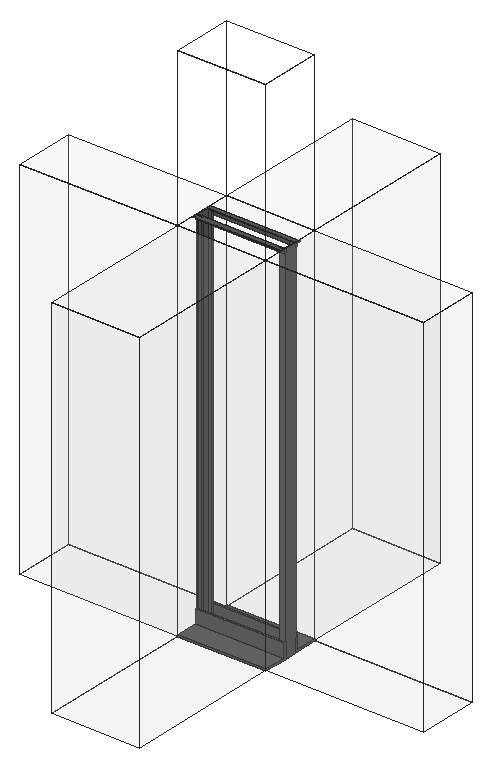
Revit family (continued)
Dimensions and locks (in)
  aligned and locked: curve 135 to plane 32
  aligned and locked: curve 138 to plane 32
  aligned and locked: plane 31 to curve 271
  aligned and locked: plane 31 to curve 272
  aligned and locked: plane 31 to curve 273
  aligned and locked: plane 31 to curve 274
  aligned and locked: plane 31 to curve 275
  aligned and locked: plane 31 to curve 276
  aligned and locked: plane 31 to curve 277
  aligned and locked: plane 31 to curve 278
  aligned and locked: plane 31 to curve 279
  aligned and locked: plane 31 to curve 280
  aligned and locked: plane 31 to curve 281
  aligned and locked: plane 31 to curve 282
  aligned and locked: plane 31 to curve 283
  aligned and locked: plane 31 to curve 284
  aligned and locked: plane 31 to curve 285
  aligned and locked: plane 31 to curve 286
  aligned and locked: plane 31 to curve 287
  aligned and locked: plane 31 to curve 288
  aligned and locked: plane 31 to curve 289
  aligned and locked: plane 31 to curve 290
  aligned and locked: plane 31 to curve 291
  aligned and locked: plane 31 to curve 292
  aligned and locked: plane 31 to curve 293
  aligned and locked: plane 31 to curve 294
  aligned and locked: plane 31 to curve 295
  aligned and locked: plane 31 to curve 296
  aligned and locked: plane 31 to curve 297
  aligned and locked: plane 31 to curve 298
  aligned and locked: plane 31 to curve 299
  aligned and locked: plane 31 to curve 300
  aligned and locked: plane 31 to curve 301
  aligned and locked: plane 31 to curve 302
  aligned and locked: plane 31 to curve 303
  aligned and locked: plane 31 to curve 304
  aligned and locked: plane 31 to curve 305
  aligned and locked: plane 31 to curve 306
  aligned and locked: plane 31 to curve 307
  aligned and locked: plane 31 to curve 308
  aligned and locked: plane 31 to curve 309
  aligned and locked: plane 31 to curve 310
  aligned and locked: plane 31 to curve 311
  aligned and locked: plane 31 to curve 312
  aligned and locked: plane 31 to curve 313
  aligned and locked: plane 31 to curve 314
  aligned and locked: plane 31 to curve 315
  aligned and locked: plane 30 to curve 316
  aligned and locked: plane 30 to curve 317
  aligned and locked: plane 30 to curve 319
  aligned and locked: plane 30 to curve 318
  aligned and locked: plane 30 to curve 320
  aligned and locked: plane 30 to curve 321
  aligned and locked: plane 30 to curve 322
  aligned and locked: plane 30 to curve 323
  aligned and locked: plane 30 to curve 324
  aligned and locked: plane 30 to curve 325
  aligned and locked: plane 30 to curve 326
  aligned and locked: plane 30 to curve 327
  aligned and locked: plane 30 to curve 328
  aligned and locked: plane 30 to curve 329
  aligned and locked: plane 30 to curve 330
  aligned and locked: plane 30 to curve 331
  aligned and locked: plane 30 to curve 332
  aligned and locked: plane 30 to curve 333
  aligned and locked: plane 30 to curve 334
  aligned and locked: plane 30 to curve 335
  aligned and locked: plane 30 to curve 336
  aligned and locked: plane 30 to curve 337
  aligned and locked: plane 30 to curve 338
  aligned and locked: plane 30 to curve 339
  aligned and locked: plane 30 to curve 340
  aligned and locked: plane 30 to curve 341
  aligned and locked: plane 30 to curve 342
  aligned and locked: plane 30 to curve 343
  aligned and locked: plane 30 to curve 344
  aligned and locked: plane 30 to curve 345
  aligned and locked: plane 30 to curve 346
  aligned and locked: plane 30 to curve 347
  aligned and locked: plane 30 to curve 349
  aligned and locked: plane 30 to curve 348
  aligned and locked: plane 30 to curve 350
  aligned and locked: plane 30 to curve 351
  aligned and locked: plane 30 to curve 352
  aligned and locked: plane 30 to curve 353
  aligned and locked: plane 30 to curve 354
  aligned and locked: plane 30 to curve 355
  aligned and locked: plane 30 to curve 356
  aligned and locked: plane 30 to curve 357
  aligned and locked: plane 30 to curve 358
  aligned and locked: plane 30 to curve 359
  aligned and locked: plane 30 to curve 360
  aligned and locked: Extrusion 5 sketch curve to plane 33
  aligned and locked: plane 5 to Extrusion 5 sketch curve
  aligned and locked: plane 4 to Extrusion 5 sketch curve
  aligned and locked: plane 16 to Extrusion 5 sketch curve
  aligned and locked: plane 17 to Extrusion 6 sketch curve
  aligned and locked: Extrusion 6 sketch curve to plane 34
  aligned and locked: plane 5 to Extrusion 6 sketch curve
  aligned and locked: plane 4 to Extrusion 6 sketch curve
  aligned and locked: plane 36 to Extrusion 7 sketch curve
  aligned and locked: Extrusion 7 sketch curve to plane 5
  aligned and locked: Extrusion 7 sketch curve to plane 16
  aligned and locked: Extrusion 7 sketch curve to plane 17
  aligned and locked: Extrusion 8 sketch curve to plane 16
  aligned and locked: plane 35 to Extrusion 8 sketch curve
  aligned and locked: Extrusion 8 sketch curve to plane 17
  aligned and locked: Extrusion 8 sketch curve to plane 4
  aligned and locked: plane 18 "Rack Top" to Extrusion 8
  aligned and locked: plane 18 "Rack Top" to Extrusion 7
  aligned and locked: plane 18 "Rack Top" to Extrusion 5
  aligned and locked: plane 18 "Rack Top" to Extrusion 6
  aligned and locked: Masking region 1 sketch curve to plane 16
  aligned and locked: plane 4 to Masking region 1 sketch curve
  aligned and locked: Masking region 1 sketch curve to plane 17
  aligned and locked: plane 5 to Masking region 1 sketch curve
  aligned and locked: plane 7 "Rail Rear" to curve 361
  aligned and locked: plane 6 "Rail Front" to curve 362
  aligned and locked: plane 10 to curve 363
  aligned and locked: plane 12 to curve 364
  aligned and locked: plane 11 to curve 365
  aligned and locked: curve 368 to plane 15
  aligned and locked: plane 13 to curve 366
  aligned and locked: curve 372 to plane 14
  aligned and locked: curve 367 to plane 14
  aligned and locked: curve 385 to plane 16
  aligned and locked: curve 377 to plane 16
  aligned and locked: curve 379 to plane 17
  aligned and locked: curve 387 to plane 17
  aligned and locked: plane 5 to curve 376
  aligned and locked: plane 4 to curve 374
  aligned and locked: curve 373 to plane 33
  aligned and locked: plane 35 to curve 386
  aligned and locked: plane 4 to curve 382
  aligned and locked: plane 5 to curve 384
  aligned and locked: plane 36 to curve 380
  aligned and locked: curve 383 to plane 34
  aligned and locked: plane 7 "Rail Rear" to curve 389
  aligned and locked: plane 5 to curve 392
  aligned and locked: plane 6 "Rail Front" to curve 391
  aligned and locked: plane 4 to curve 390
  aligned and locked: plane 10 to Extrusion 3 sketch curve
  aligned and locked: plane 11 to Extrusion 3 sketch curve
  aligned and locked: Extrusion 9 sketch curve to plane 16
  aligned and locked: Extrusion 9 sketch curve to plane 17
  aligned and locked: plane 5 to Extrusion 9 sketch curve
  aligned and locked: plane 4 to Extrusion 9 sketch curve
  aligned and locked: plane 37 to Extrusion 9
  aligned and locked: Extrusion 9 to plane 18 "Rack Top"
Automatic sketch dimensions
  curve 5 to plane 32 = 0.000"
  curve 7 to plane 32 = 0.000"
  curve 8 to plane 32 = 0.000"
  curve 10 to plane 32 = 0.000"
  curve 11 to plane 32 = 0.000"
  curve 13 to plane 32 = 0.000"
  curve 14 to plane 32 = 0.000"
  curve 16 to plane 32 = 0.000"
  curve 137 to plane 32 = 0.000"
  curve 17 to plane 32 = 0.000"
  curve 136 to plane 32 = 0.000"
  curve 19 to plane 32 = 0.000"
  curve 134 to plane 32 = 0.000"
  curve 20 to plane 32 = 0.000"
  curve 133 to plane 32 = 0.000"
  curve 22 to plane 32 = 0.000"
  curve 131 to plane 32 = 0.000"
  curve 23 to plane 32 = 0.000"
  curve 130 to plane 32 = 0.000"
  curve 25 to plane 32 = 0.000"
  curve 128 to plane 32 = 0.000"
  curve 26 to plane 32 = 0.000"
  curve 127 to plane 32 = 0.000"
  curve 28 to plane 32 = 0.000"
  curve 125 to plane 32 = 0.000"
  curve 29 to plane 32 = 0.000"
  curve 124 to plane 32 = 0.000"
  curve 31 to plane 32 = 0.000"
  curve 122 to plane 32 = 0.000"
  curve 32 to plane 32 = 0.000"
  curve 121 to plane 32 = 0.000"
  curve 34 to plane 32 = 0.000"
  curve 119 to plane 32 = 0.000"
  curve 35 to plane 32 = 0.000"
  curve 118 to plane 32 = 0.000"
  curve 37 to plane 32 = 0.000"
  curve 116 to plane 32 = 0.000"
  curve 38 to plane 32 = 0.000"
  curve 115 to plane 32 = 0.000"
  curve 40 to plane 32 = 0.000"
  curve 113 to plane 32 = 0.000"
  curve 41 to plane 32 = 0.000"
  curve 112 to plane 32 = 0.000"
  curve 43 to plane 32 = 0.000"
  curve 110 to plane 32 = 0.000"
  curve 44 to plane 32 = 0.000"
  curve 109 to plane 32 = 0.000"
  curve 46 to plane 32 = 0.000"
  curve 107 to plane 32 = 0.000"
  curve 47 to plane 32 = 0.000"
  curve 106 to plane 32 = 0.000"
  curve 49 to plane 32 = 0.000"
  curve 104 to plane 32 = 0.000"
  curve 50 to plane 32 = 0.000"
  curve 103 to plane 32 = 0.000"
  curve 52 to plane 32 = 0.000"
  curve 101 to plane 32 = 0.000"
  curve 53 to plane 32 = 0.000"
  curve 100 to plane 32 = 0.000"
  curve 55 to plane 32 = 0.000"
  curve 98 to plane 32 = 0.000"
  curve 56 to plane 32 = 0.000"
  curve 97 to plane 32 = 0.000"
  curve 58 to plane 32 = 0.000"
  curve 95 to plane 32 = 0.000"
  curve 59 to plane 32 = 0.000"
  curve 94 to plane 32 = 0.000"
  curve 61 to plane 32 = 0.000"
  curve 92 to plane 32 = 0.000"
  curve 62 to plane 32 = 0.000"
  curve 91 to plane 32 = 0.000"
  curve 64 to plane 32 = 0.000"
  curve 89 to plane 32 = 0.000"
  curve 65 to plane 32 = 0.000"
  curve 88 to plane 32 = 0.000"
  curve 67 to plane 32 = 0.000"
  curve 86 to plane 32 = 0.000"
  curve 68 to plane 32 = 0.000"
  curve 85 to plane 32 = 0.000"
  curve 70 to plane 32 = 0.000"
  curve 83 to plane 32 = 0.000"
  curve 71 to plane 32 = 0.000"
  curve 82 to plane 32 = 0.000"
  curve 73 to plane 32 = 0.000"
  curve 80 to plane 32 = 0.000"
  curve 74 to plane 32 = 0.000"
  curve 79 to plane 32 = 0.000"
  curve 76 to plane 32 = 0.000"
  curve 77 to plane 32 = 0.000"
  plane 31 to curve 79 = 0.000"
  plane 31 to curve 76 = 0.000"
  plane 31 to curve 80 = 0.000"
  plane 31 to curve 74 = 0.000"
  plane 31 to curve 82 = 0.000"
  plane 31 to curve 73 = 0.000"
  plane 31 to curve 83 = 0.000"
  plane 31 to curve 71 = 0.000"
  plane 31 to curve 85 = 0.000"
  plane 31 to curve 70 = 0.000"
  plane 31 to curve 86 = 0.000"
  plane 31 to curve 68 = 0.000"
  plane 31 to curve 88 = 0.000"
  plane 31 to curve 67 = 0.000"
  plane 31 to curve 89 = 0.000"
  plane 31 to curve 65 = 0.000"
  plane 31 to curve 91 = 0.000"
  plane 31 to curve 64 = 0.000"
  plane 31 to curve 92 = 0.000"
  plane 31 to curve 62 = 0.000"
  plane 31 to curve 94 = 0.000"
  plane 31 to curve 61 = 0.000"
  plane 31 to curve 95 = 0.000"
  plane 31 to curve 59 = 0.000"
  plane 31 to curve 97 = 0.000"
  plane 31 to curve 58 = 0.000"
  plane 31 to curve 98 = 0.000"
  plane 31 to curve 56 = 0.000"
  plane 31 to curve 100 = 0.000"
  plane 31 to curve 55 = 0.000"
  plane 31 to curve 101 = 0.000"
  plane 31 to curve 53 = 0.000"
  plane 31 to curve 103 = 0.000"
  plane 31 to curve 52 = 0.000"
  plane 31 to curve 104 = 0.000"
  plane 31 to curve 50 = 0.000"
  plane 31 to curve 106 = 0.000"
  plane 31 to curve 49 = 0.000"
  plane 31 to curve 107 = 0.000"
  plane 31 to curve 47 = 0.000"
  plane 31 to curve 109 = 0.000"
  plane 31 to curve 46 = 0.000"
  plane 31 to curve 110 = 0.000"
  plane 31 to curve 44 = 0.000"
  plane 31 to curve 112 = 0.000"
  plane 31 to curve 43 = 0.000"
  plane 31 to curve 113 = 0.000"
  plane 31 to curve 41 = 0.000"
  plane 31 to curve 115 = 0.000"
  plane 31 to curve 40 = 0.000"
  plane 31 to curve 116 = 0.000"
  plane 31 to curve 38 = 0.000"
  plane 31 to curve 118 = 0.000"
  plane 31 to curve 37 = 0.000"
  plane 31 to curve 119 = 0.000"
  plane 31 to curve 35 = 0.000"
  plane 31 to curve 121 = 0.000"
  plane 31 to curve 34 = 0.000"
  plane 31 to curve 122 = 0.000"
  plane 31 to curve 32 = 0.000"
  plane 31 to curve 124 = 0.000"
  plane 31 to curve 31 = 0.000"
  plane 31 to curve 125 = 0.000"
  plane 31 to curve 29 = 0.000"
  plane 31 to curve 127 = 0.000"
  plane 31 to curve 28 = 0.000"
  plane 31 to curve 128 = 0.000"
  plane 31 to curve 26 = 0.000"
  plane 31 to curve 130 = 0.000"
  plane 31 to curve 25 = 0.000"
  plane 31 to curve 131 = 0.000"
  plane 31 to curve 23 = 0.000"
  plane 31 to curve 133 = 0.000"
  plane 31 to curve 22 = 0.000"
  plane 31 to curve 134 = 0.000"
  plane 31 to curve 20 = 0.000"
  plane 31 to curve 136 = 0.000"
  plane 31 to curve 19 = 0.000"
  plane 31 to curve 137 = 0.000"
  plane 31 to curve 17 = 0.000"
  plane 31 to curve 16 = 0.000"
  plane 31 to curve 14 = 0.000"
  plane 31 to curve 13 = 0.000"
  plane 31 to curve 11 = 0.000"
  plane 31 to curve 10 = 0.000"
  plane 31 to curve 8 = 0.000"
  plane 31 to curve 7 = 0.000"
  plane 31 to curve 5 = 0.000"
  plane 31 to curve 77 = 0.000"
  curve 2 to plane 30 = 0.000"
  curve 139 to plane 30 = 0.000"
  curve 140 to plane 30 = 0.000"
  curve 142 to plane 30 = 0.000"
  curve 143 to plane 30 = 0.000"
  curve 145 to plane 30 = 0.000"
  curve 146 to plane 30 = 0.000"
  curve 148 to plane 30 = 0.000"
  curve 269 to plane 30 = 0.000"
  curve 149 to plane 30 = 0.000"
  curve 268 to plane 30 = 0.000"
  curve 151 to plane 30 = 0.000"
  curve 266 to plane 30 = 0.000"
  curve 152 to plane 30 = 0.000"
  curve 265 to plane 30 = 0.000"
  curve 154 to plane 30 = 0.000"
  curve 263 to plane 30 = 0.000"
  curve 155 to plane 30 = 0.000"
  curve 262 to plane 30 = 0.000"
  curve 157 to plane 30 = 0.000"
  curve 260 to plane 30 = 0.000"
  curve 158 to plane 30 = 0.000"
  curve 259 to plane 30 = 0.000"
  curve 160 to plane 30 = 0.000"
  curve 257 to plane 30 = 0.000"
  curve 161 to plane 30 = 0.000"
  curve 256 to plane 30 = 0.000"
  curve 163 to plane 30 = 0.000"
  curve 254 to plane 30 = 0.000"
  curve 164 to plane 30 = 0.000"
  curve 253 to plane 30 = 0.000"
  curve 166 to plane 30 = 0.000"
  curve 251 to plane 30 = 0.000"
  curve 167 to plane 30 = 0.000"
  curve 250 to plane 30 = 0.000"
  curve 169 to plane 30 = 0.000"
  curve 248 to plane 30 = 0.000"
  curve 170 to plane 30 = 0.000"
  curve 247 to plane 30 = 0.000"
  curve 172 to plane 30 = 0.000"
  curve 245 to plane 30 = 0.000"
  curve 173 to plane 30 = 0.000"
  curve 244 to plane 30 = 0.000"
  curve 175 to plane 30 = 0.000"
  curve 242 to plane 30 = 0.000"
  curve 176 to plane 30 = 0.000"
  curve 241 to plane 30 = 0.000"
  curve 178 to plane 30 = 0.000"
  curve 239 to plane 30 = 0.000"
  curve 179 to plane 30 = 0.000"
  curve 238 to plane 30 = 0.000"
  curve 181 to plane 30 = 0.000"
  curve 236 to plane 30 = 0.000"
  curve 182 to plane 30 = 0.000"
  curve 235 to plane 30 = 0.000"
  curve 184 to plane 30 = 0.000"
  curve 233 to plane 30 = 0.000"
  curve 185 to plane 30 = 0.000"
  curve 232 to plane 30 = 0.000"
  curve 187 to plane 30 = 0.000"
  curve 230 to plane 30 = 0.000"
  curve 188 to plane 30 = 0.000"
  curve 229 to plane 30 = 0.000"
  curve 190 to plane 30 = 0.000"
  curve 227 to plane 30 = 0.000"
  curve 191 to plane 30 = 0.000"
  curve 226 to plane 30 = 0.000"
  curve 193 to plane 30 = 0.000"
  curve 224 to plane 30 = 0.000"
  curve 194 to plane 30 = 0.000"
  curve 223 to plane 30 = 0.000"
  curve 196 to plane 30 = 0.000"
  curve 221 to plane 30 = 0.000"
  curve 197 to plane 30 = 0.000"
  curve 220 to plane 30 = 0.000"
  curve 199 to plane 30 = 0.000"
  curve 218 to plane 30 = 0.000"
  curve 200 to plane 30 = 0.000"
  curve 217 to plane 30 = 0.000"
  curve 202 to plane 30 = 0.000"
  curve 215 to plane 30 = 0.000"
  curve 203 to plane 30 = 0.000"
  curve 214 to plane 30 = 0.000"
  curve 205 to plane 30 = 0.000"
  curve 212 to plane 30 = 0.000"
  curve 206 to plane 30 = 0.000"
  curve 211 to plane 30 = 0.000"
  curve 208 to plane 30 = 0.000"
  curve 209 to plane 30 = 0.000"
  plane 29 to curve 211 = 0.000"
  plane 29 to curve 208 = 0.000"
  plane 29 to curve 212 = 0.000"
  plane 29 to curve 206 = 0.000"
  plane 29 to curve 214 = 0.000"
  plane 29 to curve 205 = 0.000"
  plane 29 to curve 215 = 0.000"
  plane 29 to curve 203 = 0.000"
  plane 29 to curve 217 = 0.000"
  plane 29 to curve 202 = 0.000"
  plane 29 to curve 218 = 0.000"
  plane 29 to curve 200 = 0.000"
  plane 29 to curve 220 = 0.000"
  plane 29 to curve 199 = 0.000"
  plane 29 to curve 221 = 0.000"
  plane 29 to curve 197 = 0.000"
  plane 29 to curve 223 = 0.000"
  plane 29 to curve 196 = 0.000"
  plane 29 to curve 224 = 0.000"
  plane 29 to curve 194 = 0.000"
  plane 29 to curve 226 = 0.000"
  plane 29 to curve 193 = 0.000"
  plane 29 to curve 227 = 0.000"
  plane 29 to curve 191 = 0.000"
  plane 29 to curve 229 = 0.000"
  plane 29 to curve 190 = 0.000"
  plane 29 to curve 230 = 0.000"
  plane 29 to curve 188 = 0.000"
  plane 29 to curve 232 = 0.000"
  plane 29 to curve 187 = 0.000"
  plane 29 to curve 233 = 0.000"
  plane 29 to curve 185 = 0.000"
  plane 29 to curve 235 = 0.000"
  plane 29 to curve 184 = 0.000"
  plane 29 to curve 236 = 0.000"
  plane 29 to curve 182 = 0.000"
  plane 29 to curve 238 = 0.000"
  plane 29 to curve 181 = 0.000"
  plane 29 to curve 239 = 0.000"
  plane 29 to curve 179 = 0.000"
  plane 29 to curve 241 = 0.000"
  plane 29 to curve 178 = 0.000"
  plane 29 to curve 242 = 0.000"
  plane 29 to curve 176 = 0.000"
  plane 29 to curve 244 = 0.000"
  plane 29 to curve 175 = 0.000"
  plane 29 to curve 245 = 0.000"
  plane 29 to curve 173 = 0.000"
  plane 29 to curve 247 = 0.000"
  plane 29 to curve 172 = 0.000"
  plane 29 to curve 248 = 0.000"
  plane 29 to curve 170 = 0.000"
  plane 29 to curve 250 = 0.000"
  plane 29 to curve 169 = 0.000"
  plane 29 to curve 251 = 0.000"
  plane 29 to curve 167 = 0.000"
  plane 29 to curve 253 = 0.000"
  plane 29 to curve 166 = 0.000"
  plane 29 to curve 254 = 0.000"
  plane 29 to curve 164 = 0.000"
  plane 29 to curve 256 = 0.000"
  plane 29 to curve 163 = 0.000"
  plane 29 to curve 257 = 0.000"
  plane 29 to curve 161 = 0.000"
  plane 29 to curve 259 = 0.000"
  plane 29 to curve 160 = 0.000"
  plane 29 to curve 260 = 0.000"
  plane 29 to curve 158 = 0.000"
  plane 29 to curve 262 = 0.000"
  plane 29 to curve 157 = 0.000"
  plane 29 to curve 263 = 0.000"
  plane 29 to curve 155 = 0.000"
  plane 29 to curve 265 = 0.000"
  plane 29 to curve 154 = 0.000"
  plane 29 to curve 266 = 0.000"
  plane 29 to curve 152 = 0.000"
  plane 29 to curve 268 = 0.000"
  plane 29 to curve 151 = 0.000"
  plane 29 to curve 269 = 0.000"
  plane 29 to curve 149 = 0.000"
  plane 29 to curve 148 = 0.000"
  plane 29 to curve 146 = 0.000"
  plane 29 to curve 145 = 0.000"
  plane 29 to curve 143 = 0.000"
  plane 29 to curve 142 = 0.000"
  plane 29 to curve 140 = 0.000"
  plane 29 to curve 139 = 0.000"
  plane 29 to curve 2 = 0.000"
  plane 29 to curve 209 = 0.000"
  plane 20 to curve 315 = 0.650"
  curve 315 to curve 315 = 1.250"
  curve 315 to curve 314 = 0.500"
  curve 314 to curve 314 = 1.250"
  curve 314 to curve 313 = 0.500"
  curve 313 to curve 313 = 1.250"
  curve 313 to curve 312 = 0.500"
  curve 312 to curve 312 = 1.250"
  curve 312 to curve 311 = 0.500"
  curve 311 to curve 311 = 1.250"
  curve 311 to curve 310 = 0.500"
  curve 310 to curve 310 = 1.250"
  curve 310 to curve 309 = 0.500"
  curve 309 to curve 309 = 1.250"
  curve 309 to curve 308 = 0.500"
  curve 308 to curve 308 = 1.250"
  curve 308 to curve 307 = 0.500"
  curve 307 to curve 307 = 1.250"
  curve 307 to curve 306 = 0.500"
  curve 306 to curve 306 = 1.250"
  curve 306 to curve 305 = 0.500"
  curve 305 to curve 305 = 1.250"
  curve 305 to curve 304 = 0.500"
  curve 304 to curve 304 = 1.250"
  curve 304 to curve 303 = 0.500"
  curve 303 to curve 303 = 1.250"
  curve 303 to curve 302 = 0.500"
  curve 302 to curve 302 = 1.250"
  curve 302 to curve 301 = 0.500"
  curve 301 to curve 301 = 1.250"
  curve 301 to curve 300 = 0.500"
  curve 300 to curve 300 = 1.250"
  curve 300 to curve 299 = 0.500"
  curve 299 to curve 299 = 1.250"
  curve 299 to curve 298 = 0.500"
  curve 298 to curve 298 = 1.250"
  curve 298 to curve 297 = 0.500"
  curve 297 to curve 297 = 1.250"
  curve 297 to curve 296 = 0.500"
  curve 296 to curve 296 = 1.250"
  curve 296 to curve 295 = 0.500"
  curve 295 to curve 295 = 1.250"
  curve 295 to curve 294 = 0.500"
  curve 294 to curve 294 = 1.250"
  curve 294 to curve 293 = 0.500"
  curve 293 to curve 293 = 1.250"
  curve 293 to curve 292 = 0.500"
  curve 292 to curve 292 = 1.250"
  curve 292 to curve 291 = 0.500"
  curve 291 to curve 291 = 1.250"
  curve 291 to curve 290 = 0.500"
  curve 290 to curve 290 = 1.250"
  curve 290 to curve 289 = 0.500"
  curve 289 to curve 289 = 1.250"
  curve 289 to curve 288 = 0.500"
  curve 288 to curve 288 = 1.250"
  curve 288 to curve 287 = 0.500"
  curve 287 to curve 287 = 1.250"
  curve 287 to curve 286 = 0.500"
  curve 286 to curve 286 = 1.250"
  curve 286 to curve 285 = 0.500"
  curve 285 to curve 285 = 1.250"
  curve 285 to curve 284 = 0.500"
  curve 284 to curve 284 = 1.250"
  curve 284 to curve 283 = 0.500"
  curve 283 to curve 283 = 1.250"
  curve 283 to curve 282 = 0.500"
  curve 282 to curve 282 = 1.250"
  curve 282 to curve 281 = 0.500"
  curve 281 to curve 281 = 1.250"
  curve 281 to curve 280 = 0.500"
  curve 280 to curve 280 = 1.250"
  curve 280 to curve 279 = 0.500"
  curve 279 to curve 279 = 1.250"
  curve 279 to curve 278 = 0.500"
  curve 278 to curve 278 = 1.250"
  curve 278 to curve 277 = 0.500"
  curve 277 to curve 277 = 1.250"
  curve 277 to curve 276 = 0.500"
  curve 276 to curve 276 = 1.250"
  curve 276 to curve 275 = 0.500"
  curve 275 to curve 275 = 1.250"
  curve 275 to curve 274 = 0.500"
  curve 274 to curve 274 = 1.250"
  curve 274 to curve 273 = 0.500"
  curve 273 to curve 273 = 1.250"
  curve 273 to curve 272 = 0.500"
  curve 272 to curve 272 = 1.250"
  curve 272 to curve 271 = 0.500"
  curve 271 to plane 28 = 0.790"
  Extrusion 4 sketch curve to level = 0.000"
  plane 20 to Extrusion 4 sketch curve = 0.000"
  Extrusion 1 sketch curve to plane 5 = 0.000"
  Extrusion 1 sketch curve to plane 15 = 0.000"
  Extrusion 1 sketch curve to plane 14 = 0.000"
  Extrusion 1 sketch curve to plane 11 = 0.000"
  Extrusion 1 sketch curve to plane 12 = 0.000"
  plane 7 "Rail Rear" to Extrusion 1 sketch curve = 0.000"
  plane 10 to Extrusion 1 sketch curve = 0.000"
  Extrusion 1 sketch curve to plane 6 "Rail Front" = 0.000"
  plane 28 to Extrusion 2 sketch curve = 0.000"
  Extrusion 2 sketch curve to plane 18 "Rack Top" = 0.000"
  plane 29 to curve 270 = 0.000"
  plane 29 to curve 267 = 0.000"
  plane 29 to curve 264 = 0.000"
  plane 29 to curve 261 = 0.000"
  plane 29 to curve 258 = 0.000"
  plane 29 to curve 255 = 0.000"
  plane 29 to curve 252 = 0.000"
  plane 29 to curve 249 = 0.000"
  plane 29 to curve 246 = 0.000"
  plane 29 to curve 243 = 0.000"
  plane 29 to curve 240 = 0.000"
  plane 29 to curve 237 = 0.000"
  plane 29 to curve 234 = 0.000"
  plane 29 to curve 231 = 0.000"
  plane 29 to curve 228 = 0.000"
  plane 29 to curve 225 = 0.000"
  plane 29 to curve 222 = 0.000"
  plane 29 to curve 219 = 0.000"
  plane 29 to curve 216 = 0.000"
  plane 29 to curve 213 = 0.000"
  plane 29 to curve 210 = 0.000"
  plane 29 to curve 207 = 0.000"
  plane 29 to curve 204 = 0.000"
  plane 29 to curve 201 = 0.000"
  plane 29 to curve 198 = 0.000"
  plane 29 to curve 195 = 0.000"
  plane 29 to curve 192 = 0.000"
  plane 29 to curve 189 = 0.000"
  plane 29 to curve 186 = 0.000"
  plane 29 to curve 183 = 0.000"
  plane 29 to curve 180 = 0.000"
  plane 29 to curve 177 = 0.000"
  plane 29 to curve 174 = 0.000"
  plane 29 to curve 171 = 0.000"
  plane 29 to curve 168 = 0.000"
  plane 29 to curve 165 = 0.000"
  plane 29 to curve 162 = 0.000"
  plane 29 to curve 159 = 0.000"
  plane 29 to curve 156 = 0.000"
  plane 29 to curve 153 = 0.000"
  plane 29 to curve 150 = 0.000"
  plane 29 to curve 147 = 0.000"
  plane 29 to curve 144 = 0.000"
  plane 29 to curve 141 = 0.000"
  curve 360 to plane 20 = 0.650"
  curve 360 to curve 360 = 1.250"
  curve 360 to curve 359 = 0.500"
  curve 359 to curve 359 = 1.250"
  curve 359 to curve 358 = 0.500"
  curve 358 to curve 358 = 1.250"
  curve 358 to curve 357 = 0.500"
  curve 357 to curve 357 = 1.250"
  curve 357 to curve 356 = 0.500"
  curve 356 to curve 356 = 1.250"
  curve 356 to curve 355 = 0.500"
  curve 355 to curve 355 = 1.250"
  curve 355 to curve 354 = 0.500"
  curve 354 to curve 354 = 1.250"
  curve 354 to curve 353 = 0.500"
  curve 353 to curve 353 = 1.250"
  curve 353 to curve 352 = 0.500"
  curve 352 to curve 352 = 1.250"
  curve 352 to curve 351 = 0.500"
  curve 351 to curve 351 = 1.250"
  curve 351 to curve 350 = 0.500"
  curve 350 to curve 350 = 1.250"
  curve 350 to curve 349 = 0.500"
  curve 349 to curve 349 = 1.250"
  curve 349 to curve 348 = 0.500"
  curve 348 to curve 348 = 1.250"
  curve 348 to curve 347 = 0.500"
  curve 347 to curve 347 = 1.250"
  curve 347 to curve 346 = 0.500"
  curve 346 to curve 346 = 1.250"
  curve 346 to curve 345 = 0.500"
  curve 345 to curve 345 = 1.250"
  curve 345 to curve 344 = 0.500"
  curve 344 to curve 344 = 1.250"
  curve 344 to curve 343 = 0.500"
  curve 343 to curve 343 = 1.250"
  curve 343 to curve 342 = 0.500"
  curve 342 to curve 342 = 1.250"
  curve 342 to curve 341 = 0.500"
  curve 341 to curve 341 = 1.250"
  curve 341 to curve 340 = 0.500"
  curve 340 to curve 340 = 1.250"
  curve 340 to curve 339 = 0.500"
  curve 339 to curve 339 = 1.250"
  curve 339 to curve 338 = 0.500"
  curve 338 to curve 338 = 1.250"
  curve 338 to curve 337 = 0.500"
  curve 337 to curve 337 = 1.250"
  curve 337 to curve 336 = 0.500"
  curve 336 to curve 336 = 1.250"
  curve 336 to curve 335 = 0.500"
  curve 335 to curve 335 = 1.250"
  curve 335 to curve 334 = 0.500"
  curve 334 to curve 334 = 1.250"
  curve 334 to curve 333 = 0.500"
  curve 333 to curve 333 = 1.250"
  curve 333 to curve 332 = 0.500"
  curve 332 to curve 332 = 1.250"
  curve 332 to curve 331 = 0.500"
  curve 331 to curve 331 = 1.250"
  curve 331 to curve 330 = 0.500"
  curve 330 to curve 330 = 1.250"
  curve 330 to curve 329 = 0.500"
  curve 329 to curve 329 = 1.250"
  curve 329 to curve 328 = 0.500"
  curve 328 to curve 328 = 1.250"
  curve 328 to curve 327 = 0.500"
  curve 327 to curve 327 = 1.250"
  curve 327 to curve 326 = 0.500"
  curve 326 to curve 326 = 1.250"
  curve 326 to curve 325 = 0.500"
  curve 325 to curve 325 = 1.250"
  curve 325 to curve 324 = 0.500"
  curve 324 to curve 324 = 1.250"
  curve 324 to curve 323 = 0.500"
  curve 323 to curve 323 = 1.250"
  curve 323 to curve 322 = 0.500"
  curve 322 to curve 322 = 1.250"
  curve 322 to curve 321 = 0.500"
  curve 321 to curve 321 = 1.250"
  curve 321 to curve 320 = 0.500"
  curve 320 to curve 320 = 1.250"
  curve 320 to curve 319 = 0.500"
  curve 319 to curve 319 = 1.250"
  curve 319 to curve 318 = 0.500"
  curve 318 to curve 318 = 1.250"
  curve 318 to curve 317 = 0.500"
  curve 317 to curve 317 = 1.250"
  curve 317 to curve 316 = 0.500"
  plane 28 to curve 316 = 0.790"
  curve 371 to plane 15 = 0.000"
  plane 10 to curve 366 = 0.000"
  curve 370 to plane 11 = 0.000"
  plane 7 "Rail Rear" to curve 393 = 0.000"
  curve 394 to plane 6 "Rail Front" = 0.000"
  Extrusion 3 sketch curve to plane 14 = 0.000"
  plane 17 to Extrusion 9 sketch curve = 0.000"
Types (3): name | zz Length 10 | zz Integer 1 | Product Material | Part Number | Part Description | No Fly Zone Depth | Model | Description
  (no name) | 36.000" | 1 | Aluminum - FIS - Black | "F1SR1045" | "19 Inch Standard Relay Rack, Black Powdercoat on Steel" | 36.000" | "F1SR1045" | "19 Inch Standard Relay Rack, Black Powdercoat on Steel"
  45 RU, 19 Inch Brushed Aluminum | 1.000" | 2 | Aluminum - FIS - Brushed | "F1SRA1945" | "19 Inch Standard Relay Rack, Polished Brushed Aluminum" | 0.000" | "F1SRA1945" | "19 Inch Standard Relay Rack, Polished Brushed Aluminum"
  45 RU, 19 Inch Black | 36.000" | 1 | Aluminum - FIS - Black | "F1SR1045" | "19 Inch Standard Relay Rack, Black Powdercoat on Steel" | 36.000" | "F1SR1045" | "19 Inch Standard Relay Rack, Black Powdercoat on Steel"
